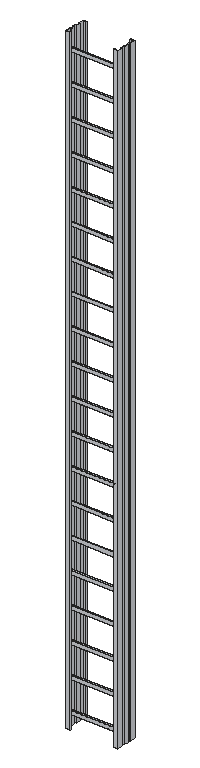
Revit family "Weitspannkabelleiter - WKL 2040_2050_2060 FT", category Generic Models, Revit 2017
Family settings
  Can host rebar = No
  Round Connector Dimension = Use Diameter
  Part Type = Normal
  Work Plane-Based = No
  Always vertical = Yes
  Cut with Voids When Loaded = No
  Shared = No
  Room Calculation Point = No
Parameters (values of type "WKL 2050 FT")
  Width = 500 mm
  URL = "http://www.obo-bettermann.com"
  Material = hot dip galvanised
  Manufacturer Art.No. = "6232108"
  Manufacturer = "OBO BETTERMANN"
  GTIN = "4012196614875"
  Cut's number 2 = 2
  Cut's number = 2
  Article Type = "WKL 2050 FT"
Types (4, lengths in mm): name | Width | Manufacturer Art.No. | GTIN | Cut's number 2 | Article Type
  (no name) | 500 | "6232108" | "4012196614875" | 2 | "WKL 2050 FT"
  WKL 2040 FT | 400 | "6232106" | "4012196614868" | 19 | "WKL 2040 FT"
  WKL 2050 FT | 500 | "6232108" | "4012196614875" | 2 | "WKL 2050 FT"
  WKL 2060 FT | 600 | "6232110" | "4012196614882" | 19 | "WKL 2060 FT"
Reference planes
  plane 1 "Center (Front/Back)": y = 0
  plane 2: z = 0
  plane 3 "Center (Left/Right)": x = 0
  plane 4: y = 200
  plane 5: x = 40
  plane 6: x = 12.5
  plane 7: y = 153.6
  plane 8: y = 114.3
  plane 9: y = 147.826
  plane 10: y = 121.517
  plane 11: y = 85.7
  plane 12: y = 46.4
  plane 13: x = 500
  plane 14: y = 200
  plane 15: x = 460
  plane 16: x = 487.5
  plane 17: y = 153.6
  plane 18: y = 114.3
  plane 19: y = 85.7
  plane 20: y = 46.4
  plane 21: y = 147.826
  plane 22: y = 118.63
  plane 23: y = 81.37
  plane 24: y = 50.73
  plane 25: z = 6000
  plane 26: z = 150
  plane 27: z = 167.523
  plane 28: z = 132.5
  plane 29: y = 20.5
  plane 30: z = 165.25
  plane 31: z = 134.75
  plane 32: z = 141.75
  plane 33: z = 158.25
  plane 34: z = 450
  plane 35: z = 432.5
  plane 36: y = 20.5
  plane 37: z = 467.5
  plane 38: z = 465.25
  plane 39: z = 434.75
  plane 40: z = 458.25
  plane 41: z = 441.75
  plane 42: z = 750
  plane 43: z = 767.5
  plane 44: z = 732.5
  plane 45: y = 20.5
  plane 46: z = 765.25
  plane 47: z = 734.75
  plane 48: z = 758.25
  plane 49: z = 741.75
  plane 50: z = 1050
  plane 51: z = 1067.5
  plane 52: z = 1032.5
  plane 53: y = 20.5
  plane 54: z = 1065.25
  plane 55: z = 1034.75
  plane 56: z = 1058.25
  plane 57: z = 1041.75
  plane 58: z = 1350
  plane 59: z = 1367.5
  plane 60: z = 1332.5
  plane 61: y = 26.12
  plane 62: z = 1365.25
  plane 63: z = 1334.75
  plane 64: z = 1341.75
  plane 65: z = 1358.25
  plane 66: z = 1650
  plane 67: z = 1667.5
  plane 68: z = 1632.5
  plane 69: y = 20.5
  plane 70: z = 1665.25
  plane 71: z = 1634.75
  plane 72: z = 1658.25
  plane 73: z = 1641.75
  plane 74: z = 1950
  plane 75: z = 1967.5
  plane 76: z = 1932.5
  plane 77: y = 20.5
  plane 78: z = 1965.25
  plane 79: z = 1934.75
  plane 80: z = 1958.25
  plane 81: z = 1941.75
  plane 82: z = 2250
  plane 83: z = 2267.5
  plane 84: z = 2232.5
  plane 85: y = 20.5
  plane 86: z = 2265.25
  plane 87: z = 2234.75
  plane 88: z = 2258.25
  plane 89: z = 2241.75
  plane 90: z = 2550
  plane 91: z = 2567.25
  plane 92: z = 2532.75
  plane 93: y = 20.5
  plane 94: z = 2565.25
  plane 95: z = 2534.75
  plane 96: z = 2558.25
  plane 97: z = 2541.75
  plane 98: z = 2850
  plane 99: z = 2867.25
  plane 100: z = 2832.25
  plane 101: y = 20.5
  plane 102: z = 2865.25
  plane 103: z = 2834.75
  plane 104: z = 2858.25
  plane 105: z = 2841.75
  plane 106: z = 3150
  plane 107: z = 3167.5
  plane 108: z = 3132.5
  plane 109: y = 20.5
  plane 110: z = 3165.25
  plane 111: z = 3134.75
  plane 112: z = 3158.25
  plane 113: z = 3141.75
  plane 114: z = 3450
  plane 115: z = 3467.25
  plane 116: z = 3432.75
  plane 117: y = 20.5
  plane 118: z = 3465.25
  plane 119: z = 3434.75
  plane 120: z = 3441.75
  plane 121: z = 3458.25
  plane 122: z = 3750
  plane 123: z = 3767.25
  plane 124: z = 3732.75
  plane 125: y = 20.5
  plane 126: z = 3765.25
  plane 127: z = 3734.75
  plane 128: z = 3741.75
  plane 129: z = 3758.25
  plane 130: z = 4050
  plane 131: z = 4067.25
  plane 132: z = 4032.25
  plane 133: y = 20.5
  plane 134: z = 4065.25
  plane 135: z = 4034.75
  plane 136: z = 4058.25
  plane 137: z = 4041.75
  plane 138: z = 4350
  plane 139: z = 4367.25
  plane 140: z = 4332.75
  plane 141: y = 20.5
  plane 142: z = 4365.25
  plane 143: z = 4334.75
  plane 144: z = 4358.25
  plane 145: z = 4341.75
  plane 146: z = 4650
  plane 147: z = 4667.25
  plane 148: z = 4632.75
  plane 149: y = 20.5
  plane 150: z = 4665.25
  plane 151: z = 4634.75
  plane 152: z = 4658.25
  plane 153: z = 4641.75
  plane 154: z = 4950
  plane 155: z = 4967.25
  plane 156: z = 4932.75
  plane 157: y = 20.5
  plane 158: z = 4965.25
  plane 159: z = 4934.75
  plane 160: z = 4958.25
  plane 161: z = 4941.75
  plane 162: z = 5250
  plane 163: z = 5267.25
  plane 164: z = 5232.75
  plane 165 "18": y = 20.5
  plane 166: z = 5265.25
  plane 167: z = 5234.75
  plane 168: z = 5258.25
  plane 169: z = 5241.75
  plane 170: z = 5550
  plane 171: z = 5567.25
  plane 172: z = 5532.75
  plane 173: y = 20.5
  plane 174: z = 5565.25
  plane 175: z = 5534.75
  plane 176: z = 5558.25
  plane 177: z = 5541.75
  plane 178: z = 5850
  plane 179: z = 5867.25
  plane 180: z = 5832.75
  plane 181: y = 20.5
  plane 182: z = 5865.25
  plane 183: z = 5834.75
  plane 184: z = 5858.25
  plane 185: z = 5841.75
Forms (mm)
  Extrusion 1, solid
    sketch origin (0, 0, 0) x (1, 0, 0) y (0, 1, 0)
      loop
        line (40, 200) -> (0, 200) -> (0, 153.6) -> (10, 147.826) -> (10, 120.074) -> (0, 114.3) -> (0, 85.7) -> (10, 79.926) -> (10, 52.174) -> (0, 46.4) -> (0, 0) -> (40, 0) -> (40, 2.5) -> (2.5, 2.5) -> (2.5, 44.957) -> (12.5, 50.73) -> (12.5, 81.37) -> (2.5, 87.143) -> (2.5, 112.857) -> (12.5, 118.63) -> (12.5, 149.27) -> (2.5, 155.043) -> (2.5, 197.5) -> (37.5, 197.5) -> (37.5, 188.528) -> (40, 188.528) -> (40, 200)
    from 0 to 6000
  Extrusion 2, solid
    sketch origin (0, 0, 0) x (1, 0, 0) y (0, 1, 0)
      loop
        line (460, 200) -> (460, 188.5) -> (462.5, 188.5) -> (462.5, 197.5) -> (497.5, 197.5) -> (497.5, 155.043) -> (487.5, 149.27) -> (487.5, 118.63) -> (497.5, 112.857) -> (497.5, 87.143) -> (487.5, 81.37) -> (487.5, 50.73) -> (497.5, 44.957) -> (497.5, 2.5) -> (460, 2.5) -> (460, 0) -> (500, 0) -> (500, 46.4) -> (490, 52.174) -> (490, 79.926) -> (500, 85.7) -> (500, 114.3) -> (490, 120.074) -> (490, 147.826) -> (500, 153.6) -> (500, 200) -> (460, 200)
    from 0 to 6000
  Extrusion 3, solid
    sketch origin (0, 0, 0) x (0, 1, 0) y (0, 0, 1)
      loop
        line (2.5, 167.523) -> (2.5, 132.5) -> (20.5, 134.75) -> (20.5, 141.75) -> (18.5, 141.75) -> (18.5, 136.516) -> (4.5, 134.766) -> (4.5, 165.255) -> (18.5, 163.487) -> (18.5, 158.25) -> (20.5, 158.25) -> (20.5, 165.25) -> (2.5, 167.523)
    from 2.5 to 497.5
  Extrusion 4, solid
    sketch origin (0, 0, 0) x (0, 1, 0) y (0, 0, 1)
      loop
        line (2.5, 467.5) -> (2.5, 432.5) -> (20.5, 434.75) -> (20.5, 441.75) -> (18.5, 441.75) -> (18.5, 436.516) -> (4.5, 434.766) -> (4.5, 465.234) -> (18.5, 463.484) -> (18.5, 458.25) -> (20.5, 458.25) -> (20.5, 465.25) -> (2.5, 467.5)
    from 2.5 to 497.5
  Extrusion 5, solid
    sketch origin (0, 0, 0) x (0, 1, 0) y (0, 0, 1)
      loop
        line (2.5, 767.5) -> (2.5, 732.5) -> (20.5, 734.75) -> (20.5, 741.75) -> (18.5, 741.75) -> (18.5, 736.516) -> (4.5, 734.766) -> (4.5, 765.234) -> (18.5, 763.484) -> (18.5, 758.25) -> (20.5, 758.25) -> (20.5, 765.25) -> (2.5, 767.5)
    from 2.5 to 497.5
  Extrusion 6, solid
    sketch origin (0, 0, 0) x (0, 1, 0) y (0, 0, 1)
      loop
        line (2.5, 1067.5) -> (2.5, 1032.5) -> (20.5, 1034.75) -> (20.5, 1041.75) -> (18.5, 1041.75) -> (18.5, 1036.516) -> (4.5, 1034.766) -> (4.5, 1065.234) -> (18.5, 1063.484) -> (18.5, 1058.25) -> (20.5, 1058.25) -> (20.5, 1065.25) -> (2.5, 1067.5)
    from 2.5 to 497.5
  Extrusion 7, solid
    sketch origin (0, 0, 0) x (0, 1, 0) y (0, 0, 1)
      loop
        line (2.5, 1367.5) -> (2.5, 1332.5) -> (26.12, 1334.75) -> (26.12, 1341.75) -> (24.12, 1341.75) -> (24.12, 1336.569) -> (4.5, 1334.7) -> (4.5, 1365.3) -> (24.12, 1363.431) -> (24.12, 1358.25) -> (26.12, 1358.25) -> (26.12, 1365.25) -> (2.5, 1367.5)
    from 2.5 to 497.5
  Extrusion 8, solid
    sketch origin (0, 0, 0) x (0, 1, 0) y (0, 0, 1)
      loop
        line (2.5, 1667.5) -> (2.5, 1632.5) -> (20.5, 1634.75) -> (20.5, 1641.75) -> (18.5, 1641.75) -> (18.5, 1636.516) -> (4.5, 1634.766) -> (4.5, 1665.234) -> (18.5, 1663.484) -> (18.5, 1658.25) -> (20.5, 1658.25) -> (20.5, 1665.25) -> (2.5, 1667.5)
    from 2.5 to 497.5
  Extrusion 9, solid
    sketch origin (0, 0, 0) x (0, 1, 0) y (0, 0, 1)
      loop
        line (2.5, 1967.5) -> (2.5, 1932.5) -> (20.5, 1934.75) -> (20.5, 1941.75) -> (18.5, 1941.75) -> (18.5, 1936.516) -> (4.5, 1934.766) -> (4.5, 1965.234) -> (18.5, 1963.484) -> (18.5, 1958.25) -> (20.5, 1958.25) -> (20.5, 1965.25) -> (2.5, 1967.5)
    from 2.5 to 497.5
  Extrusion 10, solid
    sketch origin (0, 0, 0) x (0, 1, 0) y (0, 0, 1)
      loop
        line (2.5, 2267.5) -> (2.5, 2232.5) -> (20.5, 2234.75) -> (20.5, 2241.75) -> (18.5, 2241.75) -> (18.5, 2236.516) -> (4.5, 2234.766) -> (4.5, 2265.234) -> (18.5, 2263.484) -> (18.5, 2258.25) -> (20.5, 2258.25) -> (20.5, 2265.25) -> (2.5, 2267.5)
    from 2.5 to 497.5
  Extrusion 11, solid
    sketch origin (0, 0, 0) x (0, 1, 0) y (0, 0, 1)
      loop
        line (2.5, 2567.25) -> (2.5, 2532.75) -> (20.5, 2534.75) -> (20.5, 2541.75) -> (18.5, 2541.75) -> (18.5, 2536.54) -> (4.5, 2534.985) -> (4.5, 2565.015) -> (18.5, 2563.46) -> (18.5, 2558.25) -> (20.5, 2558.25) -> (20.5, 2565.25) -> (2.5, 2567.25)
    from 2.5 to 497.5
  Extrusion 12, solid
    sketch origin (0, 0, 0) x (0, 1, 0) y (0, 0, 1)
      loop
        line (2.5, 2867.25) -> (2.5, 2832.25) -> (20.5, 2834.75) -> (20.5, 2841.75) -> (18.5, 2841.75) -> (18.5, 2836.491) -> (4.5, 2834.547) -> (4.5, 2865.015) -> (18.5, 2863.46) -> (18.5, 2858.25) -> (20.5, 2858.25) -> (20.5, 2865.25) -> (2.5, 2867.25)
    from 2.5 to 497.5
  Extrusion 13, solid
    sketch origin (0, 0, 0) x (0, 1, 0) y (0, 0, 1)
      loop
        line (2.5, 3167.5) -> (2.5, 3132.5) -> (20.5, 3134.75) -> (20.5, 3141.75) -> (18.5, 3141.75) -> (18.5, 3136.516) -> (4.5, 3134.766) -> (4.5, 3165.234) -> (18.5, 3163.484) -> (18.5, 3158.25) -> (20.5, 3158.25) -> (20.5, 3165.25) -> (2.5, 3167.5)
    from 2.5 to 497.5
  Extrusion 14, solid
    sketch origin (0, 0, 0) x (0, 1, 0) y (0, 0, 1)
      loop
        line (2.5, 3467.25) -> (2.5, 3432.75) -> (20.5, 3434.75) -> (20.5, 3441.75) -> (18.5, 3441.75) -> (18.5, 3436.54) -> (4.5, 3434.985) -> (4.5, 3465.015) -> (18.5, 3463.46) -> (18.5, 3458.25) -> (20.5, 3458.25) -> (20.5, 3465.25) -> (2.5, 3467.25)
    from 2.5 to 497.5
  Extrusion 15, solid
    sketch origin (0, 0, 0) x (0, 1, 0) y (0, 0, 1)
      loop
        line (2.5, 3767.25) -> (2.5, 3732.75) -> (20.5, 3734.75) -> (20.5, 3741.75) -> (18.5, 3741.75) -> (18.5, 3736.54) -> (4.5, 3734.985) -> (4.5, 3765.015) -> (18.5, 3763.46) -> (18.5, 3758.25) -> (20.5, 3758.25) -> (20.5, 3765.25) -> (2.5, 3767.25)
    from 2.5 to 497.5
  Extrusion 16, solid
    sketch origin (0, 0, 0) x (0, 1, 0) y (0, 0, 1)
      loop
        line (2.5, 4067.25) -> (2.5, 4032.25) -> (20.5, 4034.75) -> (20.5, 4041.75) -> (18.5, 4041.75) -> (18.5, 4036.491) -> (4.5, 4034.547) -> (4.5, 4065.015) -> (18.5, 4063.46) -> (18.5, 4058.25) -> (20.5, 4058.25) -> (20.5, 4065.25) -> (2.5, 4067.25)
    from 2.5 to 497.5
  Extrusion 17, solid
    sketch origin (0, 0, 0) x (0, 1, 0) y (0, 0, 1)
      loop
        line (2.5, 4367.25) -> (2.5, 4332.75) -> (20.5, 4334.75) -> (20.5, 4341.75) -> (18.5, 4341.75) -> (18.5, 4336.54) -> (4.5, 4334.985) -> (4.5, 4365.015) -> (18.5, 4363.46) -> (18.5, 4358.25) -> (20.5, 4358.25) -> (20.5, 4365.25) -> (2.5, 4367.25)
    from 2.5 to 497.5
  Extrusion 18, solid
    sketch origin (0, 0, 0) x (0, 1, 0) y (0, 0, 1)
      loop
        line (2.5, 4667.25) -> (2.5, 4632.75) -> (20.5, 4634.75) -> (20.5, 4641.75) -> (18.5, 4641.75) -> (18.5, 4636.54) -> (4.5, 4634.985) -> (4.5, 4665.015) -> (18.5, 4663.46) -> (18.5, 4658.25) -> (20.5, 4658.25) -> (20.5, 4665.25) -> (2.5, 4667.25)
    from 2.5 to 497.5
  Extrusion 19, solid
    sketch origin (0, 0, 0) x (0, 1, 0) y (0, 0, 1)
      loop
        line (2.5, 4967.25) -> (2.5, 4932.75) -> (20.5, 4934.75) -> (20.5, 4941.75) -> (18.5, 4941.75) -> (18.5, 4936.54) -> (4.5, 4934.985) -> (4.5, 4965.015) -> (18.5, 4963.46) -> (18.5, 4958.25) -> (20.5, 4958.25) -> (20.5, 4965.25) -> (2.5, 4967.25)
    from 2.5 to 497.5
  Extrusion 20, solid
    sketch origin (0, 0, 0) x (0, 1, 0) y (0, 0, 1)
      loop
        line (2.5, 5267.25) -> (2.5, 5232.75) -> (20.5, 5234.75) -> (20.5, 5241.75) -> (18.5, 5241.75) -> (18.5, 5236.54) -> (4.5, 5234.985) -> (4.5, 5265.015) -> (18.5, 5263.46) -> (18.5, 5258.25) -> (20.5, 5258.25) -> (20.5, 5265.25) -> (2.5, 5267.25)
    from 2.5 to 497.5
  Extrusion 21, solid
    sketch origin (0, 0, 0) x (0, 1, 0) y (0, 0, 1)
      loop
        line (2.5, 5567.25) -> (2.5, 5532.75) -> (20.5, 5534.75) -> (20.5, 5541.75) -> (18.5, 5541.75) -> (18.5, 5536.54) -> (4.5, 5534.985) -> (4.5, 5565.015) -> (18.5, 5563.46) -> (18.5, 5558.25) -> (20.5, 5558.25) -> (20.5, 5565.25) -> (2.5, 5567.25)
    from 2.5 to 497.5
  Extrusion 22, solid
    sketch origin (0, 0, 0) x (0, 1, 0) y (0, 0, 1)
      loop
        line (2.5, 5867.25) -> (2.5, 5832.75) -> (20.5, 5834.75) -> (20.5, 5841.75) -> (18.5, 5841.75) -> (18.5, 5836.54) -> (4.5, 5834.985) -> (4.5, 5865.015) -> (18.5, 5863.46) -> (18.5, 5858.25) -> (20.5, 5858.25) -> (20.5, 5865.25) -> (2.5, 5867.25)
    from 2.5 to 497.5
Dimensions and locks
  locked: plane 3 "Center (Left/Right)" to plane 6 at 12.5
  locked: Extrusion 1 sketch curve to plane 7 at 46.4
  locked: plane 7 to plane 8 at 39.3
  locked: plane 8 to plane 11 at 28.6
  locked: plane 1 "Center (Front/Back)" to plane 12 at 46.4
  locked: plane 11 to plane 12 at 39.3
  locked: Extrusion 1 sketch curve to Extrusion 1 sketch curve at 40
  Extrusion 1 sketch curve to Extrusion 1 sketch curve = 40 mm
  locked: Extrusion 1 sketch curve to plane 12 at 46.4
  locked: Extrusion 1 sketch curve to Extrusion 1 sketch curve at 39.3  (x2)
  locked: Extrusion 1 sketch curve to Extrusion 1 sketch curve at 28.6
  Extrusion 1 sketch curve to plane 7 = 46.4 mm
  locked: Extrusion 1 sketch curve to Extrusion 1 sketch curve at 11.472
  locked: Extrusion 1 sketch curve to Extrusion 1 sketch curve at 2.5  (x7)
  Extrusion 1 sketch curve to Extrusion 1 sketch curve = 2.5 mm
  "Width": plane 3 "Center (Left/Right)" to plane 13
  locked: plane 1 "Center (Front/Back)" to plane 14 at 200
  locked: plane 15 to plane 13 at 40
  locked: plane 16 to plane 13 at 12.5
  locked: Extrusion 2 sketch curve to Extrusion 2 sketch curve at 40  (x2)
  locked: Extrusion 2 sketch curve to Extrusion 2 sketch curve at 39.3  (x2)
  locked: Extrusion 2 sketch curve to Extrusion 2 sketch curve at 37.26
  locked: Extrusion 2 sketch curve to Extrusion 2 sketch curve at 46.4  (x2)
  locked: Extrusion 2 sketch curve to Extrusion 2 sketch curve at 200
  locked: Extrusion 2 sketch curve to Extrusion 2 sketch curve at 2.5  (x8)
  Extrusion 2 sketch curve to Extrusion 2 sketch curve = 2.5 mm
  plane 25 to level = 6000 mm
  locked: plane 26 to level at 150
  locked: Extrusion 2 to plane 29 at 18  (x2)
  locked: plane 27 to plane 28 at 35.023
  locked: plane 27 to plane 26 at 17.523
  locked: plane 30 to plane 26 at 15.25
  locked: plane 26 to plane 31 at 15.25
  locked: plane 33 to plane 26 at 8.25
  locked: plane 26 to plane 32 at 8.25
  locked: Extrusion 3 sketch curve to Extrusion 3 sketch curve at 35.023
  locked: Extrusion 3 sketch curve to Extrusion 3 sketch curve at 16.5
  locked: Extrusion 2 to Extrusion 3 sketch curve at 18
  locked: Extrusion 3 sketch curve to Extrusion 3 sketch curve at 14  (x2)
  locked: Extrusion 3 sketch curve to Extrusion 3 sketch curve at 30.5
  locked: plane 34 to level at 450
  locked: Extrusion 2 to plane 36 at 18  (x2)
  locked: plane 37 to plane 34 at 17.5
  locked: plane 34 to plane 35 at 17.5
  locked: plane 38 to plane 34 at 15.25
  locked: plane 34 to plane 39 at 15.25
  locked: Extrusion 4 sketch curve to Extrusion 4 sketch curve at 35
  locked: Extrusion 4 sketch curve to Extrusion 4 sketch curve at 14  (x2)
  locked: Extrusion 4 sketch curve to Extrusion 4 sketch curve at 7  (x2)
  locked: plane 42 to level at 750
  locked: Extrusion 2 to plane 45 at 18
  locked: plane 43 to plane 44 at 35
  locked: plane 43 to plane 42 at 17.5
  locked: plane 46 to plane 47 at 30.5
  locked: plane 46 to plane 42 at 15.25
  locked: plane 48 to plane 49 at 16.5
  locked: Extrusion 2 to Extrusion 5 sketch curve at 18  (x2)
  locked: Extrusion 5 sketch curve to Extrusion 5 sketch curve at 30.5
  locked: Extrusion 5 sketch curve to Extrusion 5 sketch curve at 35
  locked: Extrusion 5 sketch curve to Extrusion 5 sketch curve at 16.5
  locked: plane 50 to plane 42 at 300
  locked: Extrusion 2 to plane 53 at 18  (x2)
  locked: plane 54 to plane 55 at 30.5
  locked: plane 51 to plane 52 at 35
  locked: plane 54 to plane 50 at 15.25
  locked: plane 56 to plane 57 at 16.5
  locked: plane 56 to plane 50 at 8.25
  locked: Extrusion 2 to Extrusion 6 sketch curve at 18  (x2)
  locked: Extrusion 6 sketch curve to Extrusion 6 sketch curve at 14  (x2)
  locked: Extrusion 6 sketch curve to Extrusion 6 sketch curve at 16.5
  locked: Extrusion 6 to Extrusion 6 at 2  (x4)
  locked: Extrusion 2 to Extrusion 6 at 2
  locked: plane 58 to plane 50 at 300
  locked: plane 59 to plane 60 at 35
  locked: plane 58 to plane 60 at 17.5
  locked: plane 62 to plane 63 at 30.5
  locked: plane 62 to plane 58 at 15.25
  locked: plane 65 to plane 64 at 16.5
  locked: plane 65 to plane 58 at 8.25
  locked: Extrusion 7 sketch curve to Extrusion 7 sketch curve at 35
  locked: Extrusion 7 sketch curve to Extrusion 7 sketch curve at 30.5
  locked: Extrusion 2 to Extrusion 7 sketch curve at 2
  locked: Extrusion 7 sketch curve to Extrusion 7 sketch curve at 2  (x2)
  locked: plane 66 to plane 50 at 600
  locked: plane 70 to plane 71 at 30.5
  locked: plane 66 to plane 71 at 15.25
  locked: Extrusion 8 sketch curve to Extrusion 8 sketch curve at 35
  locked: Extrusion 2 to Extrusion 8 sketch curve at 18  (x2)
  locked: Extrusion 8 sketch curve to Extrusion 8 sketch curve at 16.5
  locked: Extrusion 2 to Extrusion 8 sketch curve at 2
  Extrusion 2 to Extrusion 8 sketch curve = 2 mm
  locked: Extrusion 8 sketch curve to Extrusion 8 sketch curve at 2  (x2)
  locked: plane 74 to plane 50 at 900
  locked: plane 75 to plane 76 at 35
  locked: plane 75 to plane 74 at 17.5
  locked: Extrusion 2 to plane 77 at 18
  locked: plane 78 to plane 79 at 30.5
  locked: plane 78 to plane 74 at 15.25
  locked: Extrusion 9 sketch curve to Extrusion 9 sketch curve at 35
  locked: Extrusion 9 sketch curve to Extrusion 9 sketch curve at 16.5
  locked: Extrusion 2 to Extrusion 9 sketch curve at 18  (x2)
  locked: Extrusion 2 to Extrusion 9 sketch curve at 2
  locked: Extrusion 9 sketch curve to Extrusion 9 sketch curve at 2  (x2)
  locked: plane 82 to plane 50 at 1200
  locked: plane 83 to plane 84 at 35
  locked: plane 83 to plane 82 at 17.5
  locked: Extrusion 2 to plane 85 at 18
  locked: plane 86 to plane 87 at 30.5
  locked: plane 86 to plane 82 at 15.25
  locked: plane 88 to plane 89 at 16.5
  Extrusion 2 to Extrusion 10 sketch curve = 2 mm
  locked: Extrusion 10 sketch curve to Extrusion 10 sketch curve at 2  (x2)
  locked: plane 90 to plane 50 at 1500
  locked: Extrusion 2 to plane 93 at 18
  locked: plane 91 to plane 92 at 34.5
  locked: plane 94 to plane 95 at 30.5
  locked: plane 94 to plane 90 at 15.25
  locked: plane 96 to plane 97 at 16.5
  locked: plane 96 to plane 90 at 8.25
  locked: Extrusion 11 sketch curve to Extrusion 11 sketch curve at 34.5
  locked: Extrusion 2 to Extrusion 11 sketch curve at 18  (x2)
  locked: Extrusion 11 sketch curve to Extrusion 11 sketch curve at 16.5
  locked: Extrusion 11 sketch curve to Extrusion 11 sketch curve at 2  (x2)
  locked: Extrusion 2 to Extrusion 11 sketch curve at 2
  locked: plane 98 to plane 90 at 300
  locked: plane 99 to plane 100 at 35
  locked: plane 99 to plane 98 at 17.25
  locked: plane 102 to plane 103 at 30.5
  locked: plane 98 to plane 103 at 15.25
  locked: plane 104 to plane 98 at 8.25
  locked: plane 98 to plane 105 at 8.25
  locked: Extrusion 12 sketch curve to Extrusion 12 sketch curve at 35
  locked: Extrusion 12 sketch curve to Extrusion 12 sketch curve at 30.5
  locked: Extrusion 2 to Extrusion 12 sketch curve at 18  (x2)
  locked: Extrusion 12 sketch curve to Extrusion 12 sketch curve at 16.5
  locked: Extrusion 12 sketch curve to Extrusion 12 sketch curve at 2  (x2)
  locked: Extrusion 2 to Extrusion 12 sketch curve at 2
  locked: plane 106 to plane 98 at 300
  locked: Extrusion 2 to plane 109 at 18
  locked: plane 110 to plane 111 at 30.5
  locked: plane 110 to plane 106 at 15.25
  locked: Extrusion 13 sketch curve to Extrusion 13 sketch curve at 35
  locked: Extrusion 13 sketch curve to Extrusion 13 sketch curve at 30.5
  locked: Extrusion 13 sketch curve to Extrusion 13 sketch curve at 16.5
  locked: Extrusion 13 sketch curve to Extrusion 13 sketch curve at 2  (x2)
  locked: Extrusion 2 to Extrusion 13 sketch curve at 2
  locked: plane 114 to plane 106 at 300
  locked: plane 115 to plane 116 at 34.5
  locked: plane 115 to plane 114 at 17.25
  locked: Extrusion 2 to plane 117 at 18
  locked: plane 118 to plane 119 at 30.5
  locked: plane 118 to plane 114 at 15.25
  locked: plane 121 to plane 120 at 16.5
  locked: plane 121 to plane 114 at 8.25
  locked: Extrusion 14 sketch curve to Extrusion 14 sketch curve at 34.5
  locked: Extrusion 14 sketch curve to Extrusion 14 sketch curve at 30.5
  locked: Extrusion 14 sketch curve to Extrusion 14 sketch curve at 16.5
  locked: Extrusion 2 to Extrusion 14 sketch curve at 2
  locked: Extrusion 14 sketch curve to Extrusion 14 sketch curve at 2  (x4)
  locked: plane 122 to plane 106 at 600
  locked: plane 123 to plane 124 at 34.5
  locked: plane 123 to plane 122 at 17.25
  locked: Extrusion 2 to plane 125 at 18
  locked: plane 126 to plane 127 at 30.5
  locked: plane 122 to plane 127 at 15.25
  locked: plane 128 to plane 129 at 16.5
  locked: plane 122 to plane 129 at 8.25
  locked: Extrusion 15 sketch curve to Extrusion 15 sketch curve at 34.5
  locked: Extrusion 15 sketch curve to Extrusion 15 sketch curve at 16.5
  locked: Extrusion 2 to Extrusion 15 sketch curve at 18  (x2)
  locked: Extrusion 2 to Extrusion 15 sketch curve at 2
  locked: Extrusion 15 sketch curve to Extrusion 15 sketch curve at 2  (x2)
  locked: plane 130 to plane 106 at 900
  locked: Extrusion 2 to plane 133 at 18
  locked: plane 131 to plane 132 at 35
  plane 131 to plane 130 = 17.25 mm
  locked: plane 134 to plane 135 at 30.5
  locked: plane 136 to plane 137 at 16.5
  locked: plane 130 to plane 137 at 8.25
  locked: plane 130 to plane 135 at 15.25
  locked: Extrusion 16 sketch curve to Extrusion 16 sketch curve at 35
  locked: Extrusion 16 sketch curve to Extrusion 16 sketch curve at 16.5
  locked: Extrusion 2 to Extrusion 16 sketch curve at 18
  locked: Extrusion 16 sketch curve to Extrusion 16 sketch curve at 16
  locked: plane 138 to plane 106 at 1200
  locked: Extrusion 2 to plane 141 at 18
  locked: plane 139 to plane 140 at 34.5
  locked: plane 139 to plane 138 at 17.25
  locked: plane 142 to plane 143 at 30.5
  locked: plane 142 to plane 138 at 15.25
  locked: Extrusion 17 sketch curve to Extrusion 17 sketch curve at 34.5
  locked: Extrusion 17 sketch curve to Extrusion 17 sketch curve at 30.5
  locked: Extrusion 17 sketch curve to Extrusion 17 sketch curve at 16.5
  locked: Extrusion 2 to Extrusion 17 sketch curve at 2
  Extrusion 2 to Extrusion 17 sketch curve = 2 mm
  locked: Extrusion 17 sketch curve to Extrusion 17 sketch curve at 2  (x4)
  locked: plane 146 to plane 106 at 1500
  locked: plane 150 to plane 151 at 30.5
  locked: plane 150 to plane 146 at 15.25
  locked: plane 152 to plane 153 at 16.5
  locked: plane 152 to plane 146 at 8.25
  plane 152 to plane 153 = 16.5 mm
  locked: Extrusion 18 sketch curve to Extrusion 18 sketch curve at 34.5
  locked: Extrusion 18 sketch curve to Extrusion 18 sketch curve at 30.5
  locked: Extrusion 18 sketch curve to Extrusion 18 sketch curve at 16.5
  locked: Extrusion 2 to Extrusion 18 sketch curve at 2
  locked: Extrusion 18 sketch curve to Extrusion 18 sketch curve at 2  (x2)
  locked: plane 154 to plane 106 at 1800
  locked: Extrusion 2 to plane 157 at 18
  locked: plane 155 to plane 156 at 34.5
  locked: plane 155 to plane 154 at 17.25
  locked: plane 158 to plane 159 at 30.5
  locked: plane 154 to plane 159 at 15.25
  locked: plane 160 to plane 161 at 16.5
  locked: Extrusion 19 sketch curve to Extrusion 19 sketch curve at 34.5
  locked: Extrusion 19 sketch curve to Extrusion 19 sketch curve at 30.5
  locked: Extrusion 19 sketch curve to Extrusion 19 sketch curve at 16.5
  locked: Extrusion 2 to Extrusion 19 sketch curve at 18  (x2)
  locked: Extrusion 19 sketch curve to Extrusion 19 sketch curve at 2  (x2)
  locked: Extrusion 2 to Extrusion 19 sketch curve at 2
  locked: plane 162 to plane 106 at 2100
  locked: Extrusion 2 to plane 165 "18" at 18
  locked: plane 163 to plane 164 at 34.5
  locked: plane 163 to plane 162 at 17.25
  locked: plane 166 to plane 167 at 30.5
  locked: plane 166 to plane 162 at 15.25
  locked: plane 168 to plane 169 at 16.5
  locked: plane 168 to plane 162 at 8.25
  locked: Extrusion 20 sketch curve to Extrusion 20 sketch curve at 34.5
  locked: Extrusion 20 sketch curve to Extrusion 20 sketch curve at 30.5
  locked: Extrusion 2 to Extrusion 20 sketch curve at 2
  locked: Extrusion 20 sketch curve to Extrusion 20 sketch curve at 2
  locked: Extrusion 2 to Extrusion 20 sketch curve at 18  (x2)
  locked: Extrusion 20 sketch curve to Extrusion 20 sketch curve at 16.5
  locked: plane 170 to plane 162 at 300
  locked: Extrusion 2 to plane 173 at 18
  locked: plane 174 to plane 175 at 30.5
  locked: plane 170 to plane 175 at 15.25
  locked: plane 176 to plane 177 at 16.5
  locked: plane 176 to plane 170 at 8.25
  locked: Extrusion 21 sketch curve to Extrusion 21 sketch curve at 34.5
  locked: Extrusion 21 sketch curve to Extrusion 21 sketch curve at 30.5
  locked: Extrusion 2 to Extrusion 21 sketch curve at 18  (x2)
  locked: Extrusion 21 sketch curve to Extrusion 21 sketch curve at 16.5
  plane 25 to plane 178 = 150 mm
  locked: plane 179 to plane 180 at 34.5
  locked: Extrusion 2 to plane 181 at 18
  locked: plane 179 to plane 178 at 17.25
  locked: plane 182 to plane 183 at 30.5
  locked: plane 182 to plane 178 at 15.25
  locked: Extrusion 22 sketch curve to Extrusion 22 sketch curve at 34.5
  locked: Extrusion 22 sketch curve to Extrusion 22 sketch curve at 16.5
  locked: Extrusion 22 sketch curve to Extrusion 22 sketch curve at 30.5
  locked: Extrusion 2 to Extrusion 22 sketch curve at 18  (x2)
  locked: Extrusion 2 to Extrusion 22 sketch curve at 2
  locked: Extrusion 22 sketch curve to Extrusion 22 sketch curve at 2  (x4)
  aligned and locked: level to plane 2
  aligned and locked: Extrusion 1 sketch curve to plane 5
  aligned and locked: Extrusion 1 sketch curve to Extrusion 1 sketch curve
  aligned and locked: plane 1 "Center (Front/Back)" to Extrusion 1
  aligned and locked: Extrusion 1 to plane 3 "Center (Left/Right)"  (x3)
  aligned and locked: Extrusion 2 sketch curve to plane 15
  aligned and locked: plane 13 to Extrusion 2  (x3)
  aligned and locked: plane 25 to Extrusion 2
  aligned and locked: Extrusion 2 to Extrusion 1
  aligned and locked: Extrusion 3 sketch curve to plane 32
  aligned and locked: Extrusion 3 to Extrusion 1  (x2)
  aligned and locked: plane 29 to Extrusion 3  (x2)
  aligned and locked: Extrusion 3 to Extrusion 2
  aligned and locked: plane 40 to Extrusion 4 sketch curve
  aligned and locked: plane 41 to Extrusion 4 sketch curve
  aligned and locked: Extrusion 4 to Extrusion 1  (x2)
  aligned and locked: Extrusion 4 to Extrusion 2
  aligned and locked: plane 49 to Extrusion 5 sketch curve
  aligned and locked: Extrusion 5 to Extrusion 1  (x2)
  aligned and locked: Extrusion 5 to Extrusion 2
  aligned and locked: plane 56 to Extrusion 6 sketch curve
  aligned and locked: Extrusion 6 to Extrusion 1  (x2)
  aligned and locked: Extrusion 6 to Extrusion 2
  aligned and locked: Extrusion 7 sketch curve to plane 64
  aligned and locked: Extrusion 7 to Extrusion 1  (x2)
  aligned and locked: Extrusion 7 to Extrusion 2
  aligned and locked: Extrusion 8 sketch curve to plane 72
  aligned and locked: Extrusion 8 to Extrusion 1  (x2)
  aligned and locked: Extrusion 8 to Extrusion 2
  aligned and locked: Extrusion 9 sketch curve to plane 80
  aligned and locked: Extrusion 9 to Extrusion 2
  aligned and locked: Extrusion 9 to Extrusion 1
  aligned and locked: Extrusion 10 sketch curve to plane 88
  aligned and locked: Extrusion 10 sketch curve to plane 89
  aligned and locked: Extrusion 10 to Extrusion 1  (x2)
  aligned and locked: Extrusion 10 to Extrusion 2
  aligned and locked: plane 97 to Extrusion 11 sketch curve
  aligned and locked: Extrusion 11 to Extrusion 1  (x2)
  aligned and locked: Extrusion 11 to Extrusion 2
  aligned and locked: plane 105 to Extrusion 12 sketch curve
  aligned and locked: Extrusion 12 to Extrusion 1  (x2)
  aligned and locked: Extrusion 12 to Extrusion 2
  aligned and locked: Extrusion 13 sketch curve to plane 113
  aligned and locked: Extrusion 13 to Extrusion 1  (x2)
  aligned and locked: Extrusion 13 to Extrusion 2
  aligned and locked: Extrusion 14 sketch curve to plane 121
  aligned and locked: Extrusion 14 to Extrusion 1  (x2)
  aligned and locked: Extrusion 14 to Extrusion 2
  aligned and locked: plane 129 to Extrusion 15 sketch curve
  aligned and locked: Extrusion 15 to Extrusion 1  (x2)
  aligned and locked: Extrusion 15 to Extrusion 2
  aligned and locked: Extrusion 16 sketch curve to plane 136
  aligned and locked: Extrusion 16 sketch curve to plane 137
  aligned and locked: Extrusion 16 to Extrusion 1  (x2)
  aligned and locked: Extrusion 16 to Extrusion 2
  aligned and locked: Extrusion 17 to Extrusion 1  (x2)
  aligned and locked: Extrusion 17 to Extrusion 2
  aligned and locked: Extrusion 18 sketch curve to plane 153
  aligned and locked: Extrusion 18 to Extrusion 1  (x2)
  aligned and locked: Extrusion 18 to Extrusion 2
  aligned and locked: Extrusion 19 sketch curve to plane 161
  aligned and locked: Extrusion 19 to Extrusion 1  (x2)
  aligned and locked: Extrusion 19 to Extrusion 2
  aligned and locked: Extrusion 20 sketch curve to plane 168
  aligned and locked: Extrusion 20 to Extrusion 1  (x2)
  aligned and locked: Extrusion 20 to Extrusion 2
  aligned and locked: Extrusion 21 sketch curve to plane 176
  aligned and locked: Extrusion 21 to Extrusion 1  (x2)
  aligned and locked: Extrusion 21 to Extrusion 2
  aligned and locked: Extrusion 22 sketch curve to plane 184
  aligned and locked: Extrusion 22 to Extrusion 1  (x2)
  aligned and locked: Extrusion 22 to Extrusion 2
Automatic sketch dimensions
  Extrusion 1 sketch curve to plane 3 "Center (Left/Right)" = 0 mm  (x2)
  Extrusion 1 sketch curve to plane 9 = 0 mm
  Extrusion 1 sketch curve to plane 6 = 0 mm  (x2)
  Extrusion 1 sketch curve to plane 12 = 0 mm
  plane 3 "Center (Left/Right)" to Extrusion 1 sketch curve = 2.5 mm
  Extrusion 1 sketch curve to plane 12 = 1.443 mm
  plane 12 to Extrusion 1 sketch curve = 4.33 mm
  Extrusion 1 sketch curve to Extrusion 1 sketch curve = 1.443 mm  (x2)
  Extrusion 1 sketch curve to plane 11 = 5.774 mm
  plane 11 to Extrusion 1 sketch curve = 1.443 mm
  Extrusion 1 sketch curve to plane 8 = 1.443 mm
  Extrusion 1 sketch curve to plane 10 = 2.887 mm
  Extrusion 1 sketch curve to plane 10 = 1.443 mm
  plane 9 to Extrusion 1 sketch curve = 1.443 mm
  plane 7 to Extrusion 1 sketch curve = 1.443 mm
  Extrusion 2 sketch curve to plane 15 = 0 mm
  Extrusion 2 sketch curve to plane 16 = 0 mm  (x2)
  Extrusion 2 sketch curve to plane 13 = 0 mm
  plane 1 "Center (Front/Back)" to Extrusion 2 sketch curve = 0 mm
  Extrusion 2 sketch curve to plane 24 = 0 mm
  Extrusion 2 sketch curve to plane 23 = 0 mm
  plane 21 to Extrusion 2 sketch curve = 0 mm
  Extrusion 2 sketch curve to plane 20 = 1.443 mm
  plane 24 to Extrusion 2 sketch curve = 1.443 mm
  Extrusion 2 sketch curve to plane 23 = 1.443 mm
  plane 19 to Extrusion 2 sketch curve = 1.443 mm
  Extrusion 2 sketch curve to plane 18 = 1.443 mm
  plane 22 to Extrusion 2 sketch curve = 1.443 mm
  plane 21 to Extrusion 2 sketch curve = 1.443 mm
  plane 17 to Extrusion 2 sketch curve = 1.443 mm
  Extrusion 2 sketch curve to Extrusion 2 sketch curve = 9 mm
  Extrusion 3 sketch curve to plane 28 = 0 mm
  Extrusion 3 sketch curve to plane 29 = 0 mm
  Extrusion 3 sketch curve to plane 30 = 0 mm
  Extrusion 3 sketch curve to plane 29 = 2 mm
  plane 30 to Extrusion 3 sketch curve = 0.005 mm
  Extrusion 3 sketch curve to plane 1 "Center (Front/Back)" = 2.5 mm
  plane 31 to Extrusion 3 sketch curve = 0.016 mm
  plane 31 to Extrusion 3 sketch curve = 1.766 mm
  Extrusion 3 sketch curve to plane 30 = 1.763 mm
  Extrusion 4 sketch curve to plane 35 = 0 mm
  Extrusion 4 sketch curve to plane 29 = 0 mm  (x2)
  Extrusion 4 sketch curve to plane 29 = 2 mm
  Extrusion 4 sketch curve to plane 38 = 0.016 mm
  Extrusion 4 sketch curve to plane 1 "Center (Front/Back)" = 2.5 mm
  plane 39 to Extrusion 4 sketch curve = 0.016 mm
  plane 39 to Extrusion 4 sketch curve = 1.766 mm
  Extrusion 4 sketch curve to plane 38 = 1.766 mm
  Extrusion 5 sketch curve to plane 43 = 0 mm
  Extrusion 5 sketch curve to plane 47 = 0 mm
  Extrusion 5 sketch curve to plane 29 = 2 mm  (x2)
  Extrusion 5 sketch curve to plane 46 = 0.016 mm
  Extrusion 5 sketch curve to plane 1 "Center (Front/Back)" = 4.5 mm
  Extrusion 5 sketch curve to plane 1 "Center (Front/Back)" = 2.5 mm
  plane 47 to Extrusion 5 sketch curve = 0.016 mm
  plane 47 to Extrusion 5 sketch curve = 1.766 mm
  Extrusion 5 sketch curve to plane 46 = 1.766 mm
  Extrusion 6 sketch curve to plane 52 = 0 mm
  Extrusion 6 sketch curve to plane 51 = 0 mm
  Extrusion 6 sketch curve to plane 55 = 0 mm
  Extrusion 6 sketch curve to plane 54 = 0 mm
  Extrusion 6 sketch curve to plane 29 = 2 mm
  Extrusion 6 sketch curve to plane 54 = 0.016 mm
  Extrusion 6 sketch curve to plane 1 "Center (Front/Back)" = 2.5 mm
  plane 55 to Extrusion 6 sketch curve = 0.016 mm
  plane 55 to Extrusion 6 sketch curve = 1.766 mm
  Extrusion 6 sketch curve to plane 54 = 1.766 mm
  Extrusion 7 sketch curve to plane 59 = 0 mm
  Extrusion 7 sketch curve to plane 65 = 0 mm
  Extrusion 7 sketch curve to plane 61 = 0 mm  (x2)
  Extrusion 7 sketch curve to plane 63 = 0 mm
  plane 62 to Extrusion 7 sketch curve = 0.05 mm
  Extrusion 7 sketch curve to plane 1 "Center (Front/Back)" = 2.5 mm
  Extrusion 7 sketch curve to plane 63 = 0.05 mm
  plane 63 to Extrusion 7 sketch curve = 1.819 mm
  Extrusion 7 sketch curve to plane 62 = 1.819 mm
  Extrusion 8 sketch curve to plane 68 = 0 mm
  Extrusion 8 sketch curve to plane 71 = 0 mm
  Extrusion 8 sketch curve to plane 70 = 0 mm
  Extrusion 8 sketch curve to plane 70 = 0.016 mm
  plane 71 to Extrusion 8 sketch curve = 1.766 mm
  Extrusion 8 sketch curve to plane 70 = 1.766 mm
  Extrusion 9 sketch curve to plane 76 = 0 mm
  Extrusion 9 sketch curve to plane 79 = 0 mm
  Extrusion 9 sketch curve to plane 78 = 0 mm
  Extrusion 9 sketch curve to plane 78 = 0.016 mm
  plane 79 to Extrusion 9 sketch curve = 1.766 mm
  Extrusion 9 sketch curve to plane 78 = 1.766 mm
  Extrusion 10 sketch curve to plane 84 = 0 mm
  Extrusion 10 sketch curve to plane 83 = 0 mm
  Extrusion 10 sketch curve to plane 29 = 0 mm  (x2)
  Extrusion 10 sketch curve to plane 87 = 0 mm
  Extrusion 10 sketch curve to plane 86 = 0 mm
  Extrusion 10 sketch curve to plane 86 = 0.016 mm
  Extrusion 10 sketch curve to plane 1 "Center (Front/Back)" = 2.5 mm
  plane 87 to Extrusion 10 sketch curve = 0.016 mm
  plane 87 to Extrusion 10 sketch curve = 1.766 mm
  Extrusion 10 sketch curve to plane 86 = 1.766 mm
  Extrusion 11 sketch curve to plane 92 = 0 mm
  Extrusion 11 sketch curve to plane 95 = 0 mm
  Extrusion 11 sketch curve to plane 94 = 0 mm
  Extrusion 11 sketch curve to plane 94 = 0.235 mm
  Extrusion 11 sketch curve to plane 1 "Center (Front/Back)" = 2.5 mm
  plane 95 to Extrusion 11 sketch curve = 0.235 mm
  plane 95 to Extrusion 11 sketch curve = 1.79 mm
  Extrusion 11 sketch curve to plane 94 = 1.79 mm
  Extrusion 12 sketch curve to plane 100 = 0 mm
  Extrusion 12 sketch curve to plane 103 = 0 mm
  Extrusion 12 sketch curve to plane 102 = 0.235 mm
  Extrusion 12 sketch curve to plane 1 "Center (Front/Back)" = 2.5 mm
  Extrusion 12 sketch curve to plane 103 = 0.203 mm
  plane 103 to Extrusion 12 sketch curve = 1.741 mm
  Extrusion 12 sketch curve to plane 102 = 1.79 mm
  Extrusion 13 sketch curve to plane 108 = 0 mm
  Extrusion 13 sketch curve to plane 29 = 0 mm  (x2)
  Extrusion 13 sketch curve to plane 111 = 0 mm
  Extrusion 13 sketch curve to plane 110 = 0.016 mm
  Extrusion 13 sketch curve to plane 1 "Center (Front/Back)" = 2.5 mm
  plane 111 to Extrusion 13 sketch curve = 0.016 mm
  plane 111 to Extrusion 13 sketch curve = 1.766 mm
  Extrusion 13 sketch curve to plane 110 = 1.766 mm
  Extrusion 14 sketch curve to plane 116 = 0 mm
  Extrusion 14 sketch curve to plane 29 = 0 mm  (x2)
  Extrusion 14 sketch curve to plane 119 = 0 mm
  Extrusion 14 sketch curve to plane 118 = 0.235 mm
  Extrusion 15 sketch curve to plane 124 = 0 mm
  Extrusion 15 sketch curve to plane 127 = 0 mm
  Extrusion 15 sketch curve to plane 126 = 0 mm
  plane 127 to Extrusion 15 sketch curve = 0.235 mm
  plane 127 to Extrusion 15 sketch curve = 1.79 mm
  Extrusion 15 sketch curve to plane 126 = 1.79 mm
  Extrusion 16 sketch curve to plane 132 = 0 mm
  Extrusion 16 sketch curve to plane 29 = 0 mm
  Extrusion 16 sketch curve to plane 135 = 0 mm
  Extrusion 16 sketch curve to plane 134 = 0 mm
  Extrusion 16 sketch curve to plane 29 = 2 mm
  Extrusion 16 sketch curve to Extrusion 16 sketch curve = 2 mm
  Extrusion 16 sketch curve to plane 134 = 0.235 mm
  Extrusion 16 sketch curve to plane 1 "Center (Front/Back)" = 2.5 mm
  Extrusion 16 sketch curve to plane 135 = 0.203 mm
  plane 135 to Extrusion 16 sketch curve = 1.741 mm
  Extrusion 16 sketch curve to plane 134 = 1.79 mm
  Extrusion 17 sketch curve to plane 140 = 0 mm
  Extrusion 17 sketch curve to plane 144 = 0 mm
  Extrusion 17 sketch curve to plane 29 = 0 mm  (x2)
  Extrusion 17 sketch curve to plane 143 = 0 mm
  Extrusion 17 sketch curve to plane 142 = 0.235 mm
  Extrusion 18 sketch curve to plane 148 = 0 mm
  Extrusion 18 sketch curve to plane 29 = 0 mm  (x2)
  Extrusion 18 sketch curve to plane 151 = 0 mm
  Extrusion 18 sketch curve to plane 150 = 0.235 mm
  Extrusion 18 sketch curve to plane 1 "Center (Front/Back)" = 2.5 mm
  plane 151 to Extrusion 18 sketch curve = 0.235 mm
  plane 151 to Extrusion 18 sketch curve = 1.79 mm
  Extrusion 18 sketch curve to plane 150 = 1.79 mm
  Extrusion 19 sketch curve to plane 156 = 0 mm
  Extrusion 19 sketch curve to plane 159 = 0 mm
  Extrusion 19 sketch curve to plane 158 = 0.235 mm
  Extrusion 19 sketch curve to plane 1 "Center (Front/Back)" = 2.5 mm
  plane 159 to Extrusion 19 sketch curve = 0.235 mm
  plane 159 to Extrusion 19 sketch curve = 1.79 mm
  Extrusion 19 sketch curve to plane 158 = 1.79 mm
  Extrusion 20 sketch curve to plane 164 = 0 mm
  Extrusion 20 sketch curve to plane 167 = 0 mm
  Extrusion 20 sketch curve to plane 29 = 2 mm
  Extrusion 20 sketch curve to plane 166 = 0.235 mm
  Extrusion 20 sketch curve to plane 1 "Center (Front/Back)" = 2.5 mm
  plane 167 to Extrusion 20 sketch curve = 0.235 mm
  plane 167 to Extrusion 20 sketch curve = 1.79 mm
  Extrusion 20 sketch curve to plane 166 = 1.79 mm
  Extrusion 21 sketch curve to plane 172 = 0 mm
  Extrusion 21 sketch curve to plane 175 = 0 mm
  Extrusion 21 sketch curve to plane 29 = 2 mm  (x2)
  Extrusion 21 sketch curve to plane 174 = 0.235 mm
  Extrusion 21 sketch curve to plane 1 "Center (Front/Back)" = 4.5 mm
  Extrusion 21 sketch curve to plane 1 "Center (Front/Back)" = 2.5 mm
  plane 175 to Extrusion 21 sketch curve = 0.235 mm
  plane 175 to Extrusion 21 sketch curve = 1.79 mm
  Extrusion 21 sketch curve to plane 174 = 1.79 mm
  Extrusion 22 sketch curve to plane 180 = 0 mm
  Extrusion 22 sketch curve to plane 183 = 0 mm
  plane 183 to Extrusion 22 sketch curve = 0.235 mm
